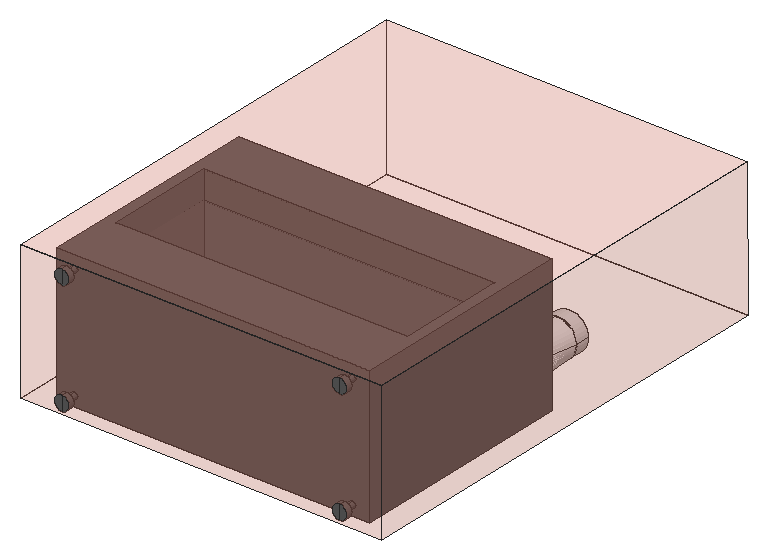
Revit family "HVAC_Fireplaces_Regency-Fireplace_New-York-gas-fireplace_CV40E", category Specialty Equipment, host Face, Revit 2026
Family settings
  Host = Face
  Round Connector Dimension = Use Diameter
  Part Type = Normal
  Classification Number = 23.40.20.34.14
  Enable Cutting in Views = No
  Cut with Voids When Loaded = No
  Maintain Annotation Orientation = No
  Shared = No
  Room Calculation Point = No
Parameters (values of type "CV40E-LP12")
  Width = 43"  # constant formula
  WIFI Dongle Installation = yes
  Voltage = 120 V
  Visible connector = 1 = 0  # no
  Version = 0
  Ventilation flow = 0.0 L/s  # constant formula
  Vent offset note [instance] = "Only works with installation option 2, changes from 0″ to 3″"  # constant formula
  Vent offset [instance] = 2"
  URL = "https://www.regency-fire.com/en/default.aspx"
  Product data url = "https://www.bimobject.com/regency-fireplace-products/product/new-york-view-40-gas-fireplace"
  Product Page URL = "https://www.regency-fire.com/en/Products/Gas/Designer-Gas-Fireplaces/CV40E"
  Product Documentation Link = "https://assets.regency-fire.com/getattachment/3a28add0-dd0d-4c20-bfca-d96ecac44b11/CV40E-12-English-Manual.aspx"
  Power Factor = 1
  Power Consumption = 0 W
  Pipe Diameter = 0.5"  # constant formula
  Panel_offset [instance] = if(Extended View Panel, 16.06299", 0.31496")  # 0.31496"
  Panel Material = Regency Fireplace - Metal - Black
  Orifce Size -Altitude 0-4500 ft = "# 53 DMS"
  Optional Clean Trim Faceplate [instance] = no
  Option 2 [instance] = and(Installation clearance, Nom Option = 2)  # no
  Option 1 [instance] = and(Installation clearance, Nom Option = 1)  # yes
  OCTF Material = Regency Fireplace - Metal - Black
  Number of Poles = 1
  Nom Vent offset [instance] = if(or(Vent offset < 0", Vent offset = 0"), 0", if(and(Vent offset > 0", Vent offset < 3"), Vent offset, if(or(Vent offset > 3", Vent offset = 3"), 3", 0")))  # 2"
  Nom Option [instance] = if([Installation options (ventilation openings)] = 1, 1, 2)  # 1
  Nom Chase enclosure height [instance] = if(Nom Option = 3, 63", if(and(or(Nom Option = 1, Nom Option = 2), or(Chase enclosure height < 63", Chase enclosure height = 63")), 63", Chase enclosure height))  # 63"
  Model = "CV40E-LP12"
  Minimum Supply Pressure = "11\" WC/C.E. (2.73 kPa)"
  Minimum Input Altitude 0-4500 ft. (0-1372m) = "15,500 Btu/h (4.54 kW)"
  Maximum Input Altitude 0-4500 ft. (0-1372m) = "28,500 Btu/h (8.35kW)"
  Manufacturer = "Regency Fireplace"  # constant formula
  Manifold Pressure - Low = "2.9\" WC/C.E.  (0.72 kPa)"
  Manifold Pressure - High = "10.5\" WC/C.E.  (2.62 kPa)"
  Installation options note [instance] = if([Installation options (ventilation openings)] = 1, "Option 1 - Floor to ceiling with top ventilation opening", if([Installation options (ventilation openings)] = 2, "Option 2 - Low framing with ventilation opening in front/2 sides or top", "Enter value 1 to 2"))  # "Option 1 - Floor to ceiling with top ventilation opening"
  Installation options (ventilation openings) [instance] = 1
  Heat Wave Installation Note [instance] = "Only required in circumstances where the goal is to transfer some heat from the fireplace to an alternate interior room, please contact the manufacturer for details."  # constant formula
  Frequency = 60 Hz
  Installation clearance [instance] = yes
  Inner Panel Material [instance] = Regency Fireplace - Metal - Black Inner Panel
  Housing Material = Regency Fireplace - Metal - Black
  Height = 31"  # constant formula
  Heat Wave Installation [instance] = yes
  Gas flow = 0.0 L/s
  Gas Connector Description = "Propane gas supply"
  Fuel Type = "Propane"
  Firebed Material [instance] = Regency Fireplace - Glass - Ginger Crushed Firebed
  Extended View Panel [instance] = no
  Duct Diameter = 8"  # constant formula
  Duct Connector Description = "4” Inner / 6-5/8” Outer"  # constant formula
  Description = "The Regency City Series New York View linear gas fireplaces feature a seamless clear view of the fire with the ability to be integrated into any décor style."  # constant formula
  Depth = 19"  # constant formula
  Default Elevation = 0"
  Date Updated = ""
  Date Created = ""
  Current = 1.5 A
  Connector [instance] = if(Heat Wave Installation, 3, 2)  # 3
  Chase enclosure height [instance] = 63"
  CSA P.4.1 = "56.06%"
  Apparent Load = Power Consumption / Power Factor  # 0 VA
Types (3): name | Vent offset | Orifce Size -Altitude 0-4500 ft | Option 1 | Nom Vent offset | Model | Minimum Supply Pressure | Maximum Input Altitude 0-4500 ft. (0-1372m) | Manifold Pressure - Low | Manifold Pressure - High | Installation clearance | Gas Connector Description | Fuel Type | CSA P.4.1
  (no name) | 2" | "# 53 DMS" | yes | 2" | "CV40E-LP12" | "11\" WC/C.E. (2.73 kPa)" | "28,500 Btu/h (8.35kW)" | "2.9\" WC/C.E.  (0.72 kPa)" | "10.5\" WC/C.E.  (2.62 kPa)" | yes | "Propane gas supply" | "Propane" | "56.06%"
  CV40E-NG12 | 3" | "# 42 DMS " | no | 3" | "CV40E-NG12" | "5.0\" WC/C.E.  (1.25 kPa)" | "28,500 Btu/h (8.33 kW)" | "1.1\" WC/C.E. (0.27 kPa)" | "3.8\" WC/C.E.  (0.94 kPa)" | no | "Natural gas supply" | "Natural Gas" | "55.23%"
  CV40E-LP12 | 2" | "# 53 DMS" | yes | 2" | "CV40E-LP12" | "11\" WC/C.E. (2.73 kPa)" | "28,500 Btu/h (8.35kW)" | "2.9\" WC/C.E.  (0.72 kPa)" | "10.5\" WC/C.E.  (2.62 kPa)" | yes | "Propane gas supply" | "Propane" | "56.06%"
Reference planes (in)
  plane 1 "Center (Front/Back)": y = 0
  plane 2: z = 0
  plane 3 "Center (Left/Right)": x = 0
  plane 4: x = 19.68504
  plane 5: x = -19.68504
  plane 6: x = -20
  plane 7: x = 20
  plane 8: y = 63
  plane 9: x = 21.49606
  plane 10: z = -19.01575
  plane 11: x = -21.49606
  plane 12: z = -9.50787
Forms (in)
  Extrusion 1, solid, material "Regency Fireplace - Metal - Black" <- "Housing Material"
    sketch origin (0, 0, 0) x (1, 0, 0) y (0, 1, 0)
      loop
        line (-21.47638, 2.16535) -> (21.47638, 2.16535) -> (21.47638, 33.4252) -> (-21.47638, 33.4252) -> (-21.47638, 2.16535)
    from -18.89764 to -0.19685
  Revolve 2, solid, material "Regency Fireplace - Metal - Black" <- "Housing Material"
    sketch origin (-19.09449, 0, 0) x (0, 1, 0) y (0, 0, 1)
      loop
        line (2.16535, -1.9685) -> (2.16535, -1.5748) -> (0.7874, -1.5748) -> (0.7874, -0.98425) -> (0, -0.98425) -> (0, -1.9685) -> (2.16535, -1.9685)
      axis (2.16535, -1.9685) -> (0, -1.9685)
    angle from 0 to 360
  Revolve 3, solid, material "Regency Fireplace - Metal - Black" <- "Housing Material"
    sketch origin (-19.09449, 0, -15.55118) x (0, 1, 0) y (0, 0, 1)
      loop
        line (2.16535, -1.9685) -> (2.16535, -1.5748) -> (0.7874, -1.5748) -> (0.7874, -0.98425) -> (0, -0.98425) -> (0, -1.9685) -> (2.16535, -1.9685)
      axis (2.16535, -1.9685) -> (0, -1.9685)
    angle from 0 to 360
  Revolve 4, solid, material "Regency Fireplace - Metal - Black" <- "Housing Material"
    sketch origin (19.09449, 0, 0) x (0, 1, 0) y (0, 0, -1)
      loop
        line (2.16535, 1.9685) -> (0, 1.9685) -> (0, 0.98425) -> (0.7874, 0.98425) -> (0.7874, 1.5748) -> (2.16535, 1.5748) -> (2.16535, 1.9685)
      axis (2.16535, 1.9685) -> (0, 1.9685)
    angle from 0 to 360
  Revolve 5, solid, material "Regency Fireplace - Metal - Black" <- "Housing Material"
    sketch origin (19.09449, 0, -15.55118) x (0, 1, 0) y (0, 0, -1)
      loop
        line (2.16535, 1.9685) -> (0, 1.9685) -> (0, 0.98425) -> (0.7874, 0.98425) -> (0.7874, 1.5748) -> (2.16535, 1.5748) -> (2.16535, 1.9685)
      axis (2.16535, 1.9685) -> (0, 1.9685)
    angle from 0 to 360
  Extrusion 6, void
    sketch origin (0, 0, 0) x (1, 0, 0) y (0, 1, 0)
      loop
        line (-21.47638, 39.52756) -> (-21.47638, 0) -> (21.47638, 0) -> (21.47638, 39.52756) -> (-21.47638, 39.52756)
    from -18.89764 to -0.19685
  Extrusion 7, void
    sketch origin (0, 0, 0) x (1, 0, 0) y (0, 1, 0)
      loop
        line (-20, 25.51181) -> (-20, 10.47244) -> (20, 10.47244) -> (20, 25.51181) -> (-20, 25.51181)
    from -16.73228 to 0
  Extrusion 8, void
    sketch origin (-20, 10.47244, 0) x (0, 1, 0) y (0, 0, 1)
      loop
        line (0, -0.19685) -> (15.03937, -0.19685) -> (15.03937, 0) -> (0, 0) -> (0, -0.19685)
    from 0 to 0.31496
  Extrusion 9, void
    sketch origin (20, 27.07928, 0) x (0, 1, 0) y (0, 0, -1)
      loop
        line (-1.56747, 0.19685) -> (-16.60684, 0.19685) -> (-16.60684, 0) -> (-1.56747, 0) -> (-1.56747, 0.19685)
    from 0 to 0.31496
  Extrusion 10, solid, material "Regency Fireplace - Metal - Black" <- "Panel Material", visible <- "Extended View Panel"
    sketch origin (20, 27.07928, 0) x (0, 1, 0) y (0, 0, -1)
      loop
        line (-1.56747, 0.19685) -> (-16.60684, 0.19685) -> (-16.60684, 0) -> (-1.56747, 0) -> (-1.56747, 0.19685)
    from -15.74803 to 0
  Extrusion 11, solid, material "Regency Fireplace - Metal - Black" <- "Panel Material", visible <- "Extended View Panel"
    sketch origin (-20, 10.47244, 0) x (0, 1, 0) y (0, 0, 1)
      loop
        line (15.03937, -0.19685) -> (15.03937, 0) -> (0, 0) -> (0, -0.19685) -> (15.03937, -0.19685)
    from -15.74803 to 0
  Extrusion 12, solid, material "Regency Fireplace - Glass - Clear"
    sketch origin (20, 27.07928, 0) x (0, 1, 0) y (0, 0, -1)
      loop
        line (-1.56747, 4.13386) -> (-16.60684, 4.13386) -> (-16.60684, 3.93701) -> (-1.56747, 3.93701) -> (-1.56747, 4.13386)
    from 0 to 40
  Extrusion 13, solid, material "Regency Fireplace - Metal - Silver"
    sketch origin (0, 0, -18.89764) x (0, 1, 0) y (1, 0, 0)
      loop
        line (33.4252, 8.16929) -> (33.4252, -8.16929) -> (36.85039, -8.16929) -> (36.85039, 8.16929) -> (33.4252, 8.16929)
    from -10.59055 to 0
  Revolve 14, solid, material "Regency Fireplace - Metal - Silver"
    sketch origin (0, 0, 0) x (0, 1, 0) y (0, 0, 1)
      loop
        line (36.85039, -12.61811) -> (39.52756, -12.61811) -> (39.52756, -10.1378) -> (38.07087, -10.1378) -> (38.07087, -8.64173) -> (36.85039, -8.64173) -> (36.85039, -12.61811)
      axis (36.85039, -12.61811) -> (39.52756, -12.61811)
    angle from 0 to 360
  Extrusion 15, void
    sketch origin (0, 0, -18.89764) x (0, 1, 0) y (1, 0, 0)
      loop
        line (4.60844, -10.782) -> (3.42734, -10.782) -> (3.42734, -12.94735) -> (4.60844, -12.94735) -> (4.60844, -10.782)
    from -0.53189 to 0
  Extrusion 16, solid
    sketch origin (0, 0, -18.36575) x (-1, 0, 0) y (0, 1, 0)
      loop
        circle (11.86467, 4.01789) r 0.25197
    from 0 to 0.53189
  Extrusion 17, void
    sketch origin (-21.47638, 57.04724, 0) x (0, -1, 0) y (0, 0, 1)
      loop
        line (50.87335, -16.00564) -> (50.87335, -17.77729) -> (52.84186, -17.77729) -> (52.84186, -16.00564) -> (50.87335, -16.00564)
    from -0.71401 to 0
  Extrusion 18, solid, material "Regency Fireplace - Glass - Ginger Crushed Firebed" <- "Firebed Material", detail levels medium+fine
    sketch origin (0, 0, -16.73228) x (1, 0, 0) y (0, 1, 0)
      loop
        line (-20, 10.47244) -> (20, 10.47244) -> (20, 10.66929) -> (-20, 10.66929) -> (-20, 10.47244)
    from 0 to 12.59843
  Extrusion 19, solid, material "Regency Fireplace - Metal - Black Inner Panel" <- "Inner Panel Material", detail levels medium+fine
    sketch origin (-18.4252, 10.66929, -16.73228) x (-1, 0, 0) y (0, 0, 1)
      loop
        line (-38.4252, 0) -> (1.5748, 0) -> (1.5748, 0.19685) -> (-38.4252, 0.19685) -> (-38.4252, 0)
    from 0 to 14.84252
  Extrusion 20, solid, material "Regency Fireplace - Metal - Black" <- "OCTF Material", visible <- "Optional Clean Trim Faceplate"
    sketch origin (0, 0, 0) x (1, 0, 0) y (0, 1, 0)
      loop
        line (-20.80709, 26.14173) -> (-20.80709, 9.84252) -> (20.80709, 9.84252) -> (20.80709, 26.14173) -> (-20.80709, 26.14173)
      loop
        line (-20.05906, 10.59055) -> (20.05906, 10.59055) -> (20.05906, 25.3937) -> (-20.05906, 25.3937) -> (-20.05906, 10.59055)
    from 0 to 0.3937
  Extrusion 21, solid, material "Regency Fireplace - Glass - Clear", visible <- "Optional Clean Trim Faceplate"
    sketch origin (-20.05906, 10.59055, 0) x (0, 1, 0) y (0, 0, 1)
      loop
        line (14.80315, 0) -> (14.80315, 0.3937) -> (0, 0.3937) -> (0, 0) -> (14.80315, 0)
    from 0 to 40.11811
  Extrusion 22, solid, material "Regency Fireplace - Metal - Silver", visible <- "Heat Wave Installation"
    sketch origin (21.47638, 33.4252, 0) x (-1, 0, 0) y (0, 0, 1)
      loop
        arc (4.49452, -15.45586) -> (3.21499, -16.73539) -> (4.49452, -18.01492) r 1.27953
        line (4.49452, -18.01492) -> (8.92276, -18.01492)
        arc (8.92276, -18.01492) -> (10.20229, -16.73539) -> (8.92276, -15.45586) r 1.27953
        line (8.92276, -15.45586) -> (4.49452, -15.45586)
      loop
        line (38.45824, -15.45586) -> (34.03, -15.45586)
        arc (34.03, -15.45586) -> (32.75047, -16.73539) -> (34.03, -18.01492) r 1.27953
        line (34.03, -18.01492) -> (38.45824, -18.01492)
        arc (38.45824, -18.01492) -> (39.73777, -16.73539) -> (38.45824, -15.45586) r 1.27953
    from 0 to 0.19685
  Extrusion 23, solid, material "Regency Fireplace - Metal - Silver", visible <- "Heat Wave Installation"
    sketch origin (21.47638, 33.62205, 0) x (-1, 0, 0) y (0, 0, 1)
      loop
        line (8.92276, -15.65271) -> (4.49452, -15.65271)
        arc (4.49452, -15.65271) -> (3.41184, -16.73539) -> (4.49452, -17.81807) r 1.08268
        line (4.49452, -17.81807) -> (8.92276, -17.81807)
        arc (8.92276, -17.81807) -> (10.00544, -16.73539) -> (8.92276, -15.65271) r 1.08268
      loop
        line (38.45824, -15.65271) -> (34.03, -15.65271)
        arc (34.03, -15.65271) -> (32.94732, -16.73539) -> (34.03, -17.81807) r 1.08268
        line (34.03, -17.81807) -> (38.45824, -17.81807)
        arc (38.45824, -17.81807) -> (39.54092, -16.73539) -> (38.45824, -15.65271) r 1.08268
    from 0 to 1.9685
  Extrusion 24, solid, material "Regency Fireplace - Metal - Silver", visible <- "Heat Wave Installation"
    sketch origin (20.49213, 33.4252, 0) x (-1, 0, 0) y (0, 0, 1)
      loop
        circle (4.49452, -15.25901) r 2.55906
      loop
        circle (36.48974, -15.25901) r 2.55906
    from 7.87402 to 9.84252
  Blend 25, solid, material "Regency Fireplace - Metal - Silver", visible <- "Heat Wave Installation"
    base sketch origin (21.47638, 33.4252, 0) x (-1, 0, 0) y (0, 0, 1)
      loop
        line (8.92276, -15.65271) -> (4.49452, -15.65271)
        arc (4.49452, -15.65271) -> (3.41184, -16.73539) -> (4.49452, -17.81807) r 1.08268
        line (4.49452, -17.81807) -> (8.92276, -17.81807)
        arc (8.92276, -17.81807) -> (10.00544, -16.73539) -> (8.92276, -15.65271) r 1.08268
    top sketch origin (21.47638, 33.4252, 0) x (-1, 0, 0) y (0, 0, 1)
      loop
        arc (2.91971, -15.25901) -> (3.56329, -16.95598) -> (5.17031, -17.79941) r 2.55906
        arc (5.17031, -17.79941) -> (7.17574, -17.17449) -> (8.03782, -15.25901) r 2.55906
        arc (8.03782, -15.25901) -> (7.39425, -13.56205) -> (5.78723, -12.71862) r 2.55906
        arc (5.78723, -12.71862) -> (3.7818, -13.34353) -> (2.91971, -15.25901) r 2.55906
    from 2.16535 to 7.87402
  Blend 26, solid, material "Regency Fireplace - Metal - Silver", visible <- "Heat Wave Installation"
    base sketch origin (-21.47638, 33.4252, 0) x (1, 0, 0) y (0, 0, -1)
      loop
        arc (8.92276, 15.65271) -> (10.00544, 16.73539) -> (8.92276, 17.81807) r 1.08268
        line (8.92276, 17.81807) -> (4.49452, 17.81807)
        arc (4.49452, 17.81807) -> (3.41184, 16.73539) -> (4.49452, 15.65271) r 1.08268
        line (4.49452, 15.65271) -> (8.92276, 15.65271)
    top sketch origin (-21.47638, 33.4252, 0) x (1, 0, 0) y (0, 0, -1)
      loop
        arc (2.91971, 15.25901) -> (3.7818, 13.34353) -> (5.78723, 12.71862) r 2.55906
        arc (5.78723, 12.71862) -> (7.39425, 13.56205) -> (8.03782, 15.25901) r 2.55906
        arc (8.03782, 15.25901) -> (7.17574, 17.17449) -> (5.17031, 17.79941) r 2.55906
        arc (5.17031, 17.79941) -> (3.56329, 16.95598) -> (2.91971, 15.25901) r 2.55906
    from 2.16535 to 7.87402
  Extrusion 27, solid, material "Regency Fireplace - Clearance", visible <- "Installation clearance"
    sketch origin (0, 0, 0) x (1, 0, 0) y (0, 0, 1)
      loop
        line (-24.80315, 0) -> (-24.80315, -19.01575) -> (24.80315, -19.01575) -> (24.80315, 0) -> (-24.80315, 0)
    from -63 to 0
Cuts and joins
  Extrusion 7, Extrusion 15, Extrusion 17 cuts Extrusion 1
Lines and regions (in)
  Masking region 1, visible <- "Installation clearance"
    outline origin (0, 0, 0) x (1, 0, 0) y (0, 0, 1)
      loop
        line (24.80315, 0) -> (-24.80315, 0) -> (-24.80315, -19.01575) -> (24.80315, -19.01575) -> (24.80315, 0)
  Masking region 2, visible <- "Optional Clean Trim Faceplate"
    outline origin (0, 0, 0) x (1, 0, 0) y (0, 0, 1)
      loop
        line (20.80709, 0.3937) -> (-20.80709, 0.3937) -> (-20.80709, 0) -> (20.80709, 0) -> (20.80709, 0.3937)
  Masking region 3
    outline origin (0, 0, 0) x (1, 0, 0) y (0, 0, 1)
      loop
        line (21.49606, 0) -> (-21.49606, 0) -> (-21.49606, -19.01575) -> (21.49606, -19.01575) -> (21.49606, 0)
  Masking region 4
    outline origin (0, 0, 0) x (1, 0, 0) y (0, 0, 1)
      loop
        circle (0, -12.61811) r 2.48031
  Masking region 5, visible <- "Heat Wave Installation"
    outline origin (0, 0, 0) x (1, 0, 0) y (0, 0, 1)
      loop
        circle (15.99761, -15.25901) r 2.55906
      loop
        circle (-15.99761, -15.25901) r 2.55906
  Masking region 6, visible <- "Installation clearance"
    outline origin (0, 0, 0) x (1, 0, 0) y (0, 1, 0)
      loop
        line (-24.80315, 63) -> (-24.80315, 0) -> (24.80315, 0) -> (24.80315, 63) -> (-24.80315, 63)
  Masking region 7, visible <- "Optional Clean Trim Faceplate"
    outline origin (0, 0, 0) x (1, 0, 0) y (0, 1, 0)
      loop
        line (-20.80709, 26.14173) -> (-20.80709, 9.84252) -> (20.80709, 9.84252) -> (20.80709, 26.14173) -> (-20.80709, 26.14173)
      loop
        line (20.05906, 10.59055) -> (20.05906, 25.3937) -> (-20.05906, 25.3937) -> (-20.05906, 10.59055) -> (20.05906, 10.59055)
  Masking region 8
    outline origin (0, 0, 0) x (1, 0, 0) y (0, 1, 0)
      loop
        line (-20, 25.51181) -> (-20, 10.47244) -> (20, 10.47244) -> (20, 25.51181) -> (-20, 25.51181)
  Masking region 9, visible <- "Extended View Panel"
    outline origin (0, 0, 0) x (1, 0, 0) y (0, 1, 0)
      loop
        line (-4.25197, 25.51181) -> (-20, 25.51181) -> (-20, 10.47244) -> (-4.25197, 10.47244) -> (-4.25197, 25.51181)
      loop
        line (4.25197, 25.51181) -> (4.25197, 10.47244) -> (20, 10.47244) -> (20, 25.51181) -> (4.25197, 25.51181)
  reference lines
    curve 1: line (-34.12546, 61, 0) -> (38.31548, 61, 0)
    curve 5: line (24.80315, 61, 0) -> (24.80315, 61, -19.01575)
    curve 6: line (24.80315, 61, -19.01575) -> (-24.80315, 61, -19.01575)
    curve 7: line (-24.80315, 61, -19.01575) -> (-24.80315, 61, 0)
  model lines, style "Clearance", visible <- "Option 1"
    curve 2: line (23.8189, 63, -19.01575) -> (23.8189, 63, -0.98425)
    curve 3: line (23.8189, 63, -0.98425) -> (-23.8189, 63, -0.98425)
    curve 4: line (-23.8189, 63, -0.98425) -> (-23.8189, 63, -19.01575)
  model lines, style "Clearance", visible <- "Option 2"
    curve 8: line (19.5, 63, -7.00787) -> (-19.5, 63, -7.00787)
    curve 9: line (-19.5, 63, -7.00787) -> (-19.5, 63, -11.00787)
    curve 10: line (-19.5, 63, -11.00787) -> (19.5, 63, -11.00787)
    curve 11: line (19.5, 63, -11.00787) -> (19.5, 63, -7.00787)
    curve 12: line (-19.5, 57, 0) -> (19.5, 57, 0)
    curve 13: line (19.5, 61, 0) -> (-19.5, 61, 0)
    curve 14: line (-19.5, 61, 0) -> (-19.5, 57, 0)
    curve 15: line (24.80315, 61, -2.00787) -> (24.80315, 61, -17.00787)
    curve 16: line (24.80315, 53, -2.00787) -> (24.80315, 61, -2.00787)
    curve 17: line (24.80315, 53, -17.00787) -> (24.80315, 53, -2.00787)
    curve 18: line (24.80315, 61, -17.00787) -> (24.80315, 53, -17.00787)
    curve 19: line (-24.80315, 53, -2.00787) -> (-24.80315, 53, -17.00787)
    curve 20: line (-24.80315, 53, -2.00787) -> (-24.80315, 61, -2.00787)
    curve 21: line (-24.80315, 61, -2.00787) -> (-24.80315, 61, -17.00787)
    curve 22: line (-24.80315, 61, -17.00787) -> (-24.80315, 53, -17.00787)
    curve 23: line (19.5, 61, 0) -> (19.5, 57, 0)
Dimensions and locks (in)
  plane 5 to plane 3 "Center (Left/Right)" to plane 4 = 19.68504" locked, 19.68504" locked
  "Panel_offset": plane 6 to plane 5
  "Panel_offset": plane 4 to plane 7
  locked: Extrusion 7 sketch curve to plane 5 at 0.31496
  locked: plane 4 to Extrusion 7 sketch curve at 0.31496
  "Nom Chase enclosure height": plane 1 "Center (Front/Back)" to plane 8
  cut or joined group of Extrusion 1, Extrusion 7, Extrusion 15, Extrusion 17 to plane 3 "Center (Left/Right)" to cut or joined group of Extrusion 1, Extrusion 7, Extrusion 15, Extrusion 17 = 21.47638" locked, 21.47638" locked
  locked: plane 1 "Center (Front/Back)" to Extrusion 6 sketch curve at 39.52756
  curve 5 to plane 3 "Center (Left/Right)" to curve 7 = 24.80315" locked, 24.80315" locked
  curve 14 to plane 3 "Center (Left/Right)" to curve 23 = 19.5", 19.5"
  equal spacing: group 2, group 3, group 1
  equal spacing: group 1, group 3, group 2  (x2)
  equal spacing: group 5, group 6, group 4
  equal spacing: group 4, group 6, group 5  (x2)
  Extrusion 20 sketch curve to plane 3 "Center (Left/Right)" to Extrusion 20 sketch curve = 20.80709" locked, 20.80709" locked
  locked: Extrusion 20 sketch curve to Extrusion 20 sketch curve at 0.74803  (x2)
  Extrusion 6 sketch curve to plane 3 "Center (Left/Right)" to Extrusion 6 sketch curve = 21.47638" locked, 21.47638" locked
  Masking region 3 sketch curve to plane 3 "Center (Left/Right)" to Masking region 3 sketch curve = 21.49606" locked, 21.49606" locked
  Masking region 1 sketch curve to plane 3 "Center (Left/Right)" to Masking region 1 sketch curve = 24.80315" locked, 24.80315" locked
  Extrusion 27 sketch curve to plane 3 "Center (Left/Right)" to Extrusion 27 sketch curve = 24.80315" locked, 24.80315" locked
  Masking region 2 sketch curve to plane 3 "Center (Left/Right)" to Masking region 2 sketch curve = 20.80709" locked, 20.80709" locked
  locked: Masking region 8 sketch curve to plane 5 at 0.31496
  locked: plane 4 to Masking region 8 sketch curve at 0.31496
  locked: Masking region 9 sketch curve to Masking region 9 sketch curve at 15.74803  (x2)
  Masking region 6 sketch curve to plane 3 "Center (Left/Right)" to Masking region 6 sketch curve = 24.80315" locked, 24.80315" locked
  "Nom Vent offset": curve 1 to plane 8
  aligned and locked: plane 2 to host face
  aligned and locked: level to host face
  aligned and locked: Extrusion 8 to plane 6
  aligned and locked: plane 7 to Extrusion 9
  aligned and locked: Extrusion 9 to plane 4
  aligned and locked: plane 8 to Extrusion 27
  aligned and locked: Masking region 6 sketch curve to plane 1 "Center (Front/Back)"
  aligned and locked: Masking region 6 sketch curve to plane 8
Automatic sketch dimensions
  host sketch curve to host sketch curve = 96"  (x2)
  Revolve 2 sketch curve to plane 1 "Center (Front/Back)" = 0"
  Revolve 2 sketch curve to plane 1 "Center (Front/Back)" = 0.7874"
  Revolve 2 sketch curve to Revolve 2 sketch curve = 1.37795"
  Revolve 2 sketch curve to level = 1.9685"
  Revolve 2 sketch curve to Revolve 2 sketch curve = 0.3937"
  Revolve 2 sketch curve to Revolve 2 sketch curve = 0.59055"
  plane 1 "Center (Front/Back)" to Revolve 2 sketch curve = 1.37795"
  Revolve 2 sketch curve to Revolve 2 sketch curve = 0"  (x2)
  Revolve 3 sketch curve to plane 1 "Center (Front/Back)" = 0"
  Revolve 3 sketch curve to plane 1 "Center (Front/Back)" = 0.7874"
  Revolve 3 sketch curve to Revolve 3 sketch curve = 1.37795"
  Revolve 3 sketch curve to level = 17.51969"
  Revolve 3 sketch curve to Revolve 3 sketch curve = 0.3937"
  Revolve 3 sketch curve to Revolve 3 sketch curve = 0.59055"
  plane 1 "Center (Front/Back)" to Revolve 3 sketch curve = 1.37795"
  Revolve 3 sketch curve to Revolve 3 sketch curve = 0"  (x2)
  Revolve 4 sketch curve to plane 1 "Center (Front/Back)" = 0"
  Revolve 4 sketch curve to plane 1 "Center (Front/Back)" = 0.7874"
  Revolve 4 sketch curve to Revolve 4 sketch curve = 1.37795"
  Revolve 4 sketch curve to level = 0.98425"
  Revolve 4 sketch curve to Revolve 4 sketch curve = 0.59055"
  Revolve 4 sketch curve to Revolve 4 sketch curve = 0.3937"
  plane 1 "Center (Front/Back)" to Revolve 4 sketch curve = 1.37795"
  Revolve 4 sketch curve to Revolve 4 sketch curve = 0"  (x2)
  Revolve 5 sketch curve to plane 1 "Center (Front/Back)" = 0"
  Revolve 5 sketch curve to plane 1 "Center (Front/Back)" = 0.7874"
  Revolve 5 sketch curve to Revolve 5 sketch curve = 1.37795"
  Revolve 5 sketch curve to level = 16.53543"
  Revolve 5 sketch curve to Revolve 5 sketch curve = 0.59055"
  Revolve 5 sketch curve to Revolve 5 sketch curve = 0.3937"
  plane 1 "Center (Front/Back)" to Revolve 5 sketch curve = 1.37795"
  Revolve 5 sketch curve to Revolve 5 sketch curve = 0"  (x2)
  Extrusion 7 sketch curve to plane 1 "Center (Front/Back)" = 10.47244"
  Extrusion 7 sketch curve to Extrusion 7 sketch curve = 15.03937"
  Extrusion 8 sketch curve to Extrusion 7 = 0"  (x3)
  Extrusion 7 to Extrusion 8 sketch curve = 0.19685"
  Extrusion 9 sketch curve to Extrusion 7 = 0"  (x3)
  Extrusion 7 to Extrusion 9 sketch curve = 0.19685"
  Extrusion 10 sketch curve to Extrusion 7 = 0"  (x3)
  Extrusion 7 to Extrusion 10 sketch curve = 0.19685"
  Extrusion 11 sketch curve to Extrusion 7 = 0"  (x2)
  Extrusion 7 to Extrusion 11 sketch curve = 0"
  Extrusion 7 to Extrusion 11 sketch curve = 0.19685"
  Extrusion 12 sketch curve to Extrusion 7 = 0"  (x2)
  Extrusion 7 to Extrusion 12 sketch curve = 3.93701"
  Extrusion 7 to Extrusion 12 sketch curve = 4.13386"
  Revolve 14 sketch curve to level = 12.61811"
  Revolve 14 sketch curve to plane 1 "Center (Front/Back)" = 36.85039"
  Revolve 14 sketch curve to Revolve 14 sketch curve = 1.22047"
  Revolve 14 sketch curve to Revolve 14 sketch curve = 1.45669"
  Revolve 14 sketch curve to Revolve 14 sketch curve = 2.48031"
  Revolve 14 sketch curve to Revolve 14 sketch curve = 1.49606"
  Revolve 14 sketch curve to Revolve 14 sketch curve = 0"  (x2)
  Revolve 14 sketch curve to Revolve 14 sketch curve = 3.62205"
  curve 7 to curve 1 = 0"
  curve 5 to curve 1 = 0"
  curve 1 to curve 6 = 19.01575"
  curve 5 to curve 17 = 2.00787"
  curve 15 to curve 5 = 2.00787"
  curve 18 to curve 5 = 0"
  curve 5 to curve 16 = 8"
  curve 7 to curve 22 = 2.00787"
  curve 20 to curve 7 = 2.00787"
  curve 22 to curve 7 = 0"
  curve 7 to curve 19 = 8"
  curve 1 to curve 12 = 4"
  curve 12 to curve 14 = 4"
  Extrusion 1 sketch curve to plane 6 = 1.47638"
  plane 7 to Extrusion 1 sketch curve = 1.47638"
  Extrusion 1 sketch curve to plane 1 "Center (Front/Back)" = 2.16535"
  Extrusion 1 sketch curve to Extrusion 1 sketch curve = 31.25984"
  plane 1 "Center (Front/Back)" to Extrusion 6 sketch curve = 0"
  Extrusion 1 to Extrusion 13 sketch curve = 0"
  Extrusion 13 sketch curve to Extrusion 1 = 3.4252"
  Extrusion 1 to Extrusion 13 sketch curve = 13.30709"  (x2)
  Extrusion 1 to Extrusion 15 sketch curve = 1.26199"
  Extrusion 15 sketch curve to Extrusion 15 sketch curve = 1.1811"
  Extrusion 1 to Extrusion 15 sketch curve = 10.69438"
  Extrusion 15 sketch curve to Extrusion 15 sketch curve = 2.16535"
  Extrusion 15 to Extrusion 16 sketch curve = 1.08268"
  Extrusion 15 to Extrusion 16 sketch curve = 0.59055"
  Extrusion 1 to Extrusion 17 sketch curve = 1.12035"
  Extrusion 17 sketch curve to Extrusion 1 = 4.00854"
  Extrusion 17 sketch curve to Extrusion 17 sketch curve = 1.9685"
  Extrusion 17 sketch curve to Extrusion 17 sketch curve = 1.77165"
  Extrusion 18 sketch curve to Extrusion 7 = 0"  (x2)
  Extrusion 7 to Extrusion 18 sketch curve = 0"
  Extrusion 18 sketch curve to Extrusion 7 = 0.19685"
  Extrusion 18 to Extrusion 19 sketch curve = 0"  (x2)
  Extrusion 19 sketch curve to Extrusion 18 = 0"
  Extrusion 18 to Extrusion 19 sketch curve = 0.19685"
  Extrusion 20 sketch curve to plane 1 "Center (Front/Back)" = 9.84252"
  Extrusion 20 sketch curve to Extrusion 20 sketch curve = 0.74803"  (x2)
  Extrusion 20 sketch curve to Extrusion 20 sketch curve = 14.80315"
  Extrusion 21 sketch curve to Extrusion 20 = 0"  (x3)
  Extrusion 20 to Extrusion 21 sketch curve = 0"
  Extrusion 1 to Extrusion 22 sketch curve = 4.49452"
  Extrusion 22 sketch curve to Extrusion 22 sketch curve = 4.42824"  (x2)
  Extrusion 1 to Extrusion 22 sketch curve = 3.44177"
  Extrusion 22 sketch curve to Extrusion 1 = 8.92276"
  Extrusion 1 to Extrusion 22 sketch curve = 2.16225"
  Extrusion 1 to Extrusion 22 sketch curve = 0.88272"
  Extrusion 22 sketch curve to Extrusion 22 sketch curve = 1.27953"
  Extrusion 23 sketch curve to Extrusion 23 sketch curve = 4.42824"  (x2)
  Extrusion 1 to Extrusion 24 sketch curve = 5.47877"
  Extrusion 24 sketch curve to Extrusion 1 = 5.47877"
  Extrusion 1 to Extrusion 24 sketch curve = 3.63862"  (x2)
  Extrusion 1 to Blend 25 sketch curve = 4.49452"
  Blend 25 sketch curve to Blend 25 sketch curve = 4.42824"
  Extrusion 1 to Blend 25 sketch curve = 1.07957"
  Blend 25 sketch curve to Blend 25 sketch curve = 1.08268"
  Blend 25 sketch curve to Blend 25 sketch curve = 0"  (x12)
  Extrusion 1 to Blend 25 sketch curve = 5.47877"
  Extrusion 1 to Blend 25 sketch curve = 3.63862"
  Extrusion 1 to Blend 25 sketch curve = 1.09823"
  Blend 25 sketch curve to Blend 25 sketch curve = 0.30846"  (x2)
  Blend 26 sketch curve to Extrusion 1 = 4.49452"
  Blend 26 sketch curve to Blend 26 sketch curve = 4.42824"
  Extrusion 1 to Blend 26 sketch curve = 3.24492"
  Blend 26 sketch curve to Blend 26 sketch curve = 1.08268"
  Blend 26 sketch curve to Blend 26 sketch curve = 0"  (x12)
  Blend 26 sketch curve to Extrusion 1 = 5.47877"
  Extrusion 1 to Blend 26 sketch curve = 3.63862"
  Extrusion 1 to Blend 26 sketch curve = 1.09823"
  Blend 26 sketch curve to Blend 26 sketch curve = 0.30846"  (x2)
  Extrusion 27 sketch curve to level = 0"
  Extrusion 27 sketch curve to Extrusion 27 sketch curve = 19.01575"
  curve 4 to Extrusion 27 = 0"
  curve 2 to Extrusion 27 = 0"
  Extrusion 27 to curve 4 = 0.98425"
  Extrusion 27 to curve 9 = 5.30315"
  Extrusion 27 to curve 10 = 5.30315"
  Extrusion 27 to curve 2 = 0.98425"
  Extrusion 27 to curve 10 = 8.00787"
  curve 10 to curve 8 = 4"
  Extrusion 27 to curve 3 = 0.98425"
  Masking region 1 sketch curve to level = 0"
  Masking region 1 sketch curve to level = 19.01575"
  Masking region 2 sketch curve to level = 0"
  level to Masking region 2 sketch curve = 0.3937"
  Masking region 3 sketch curve to level = 0"
  Masking region 3 sketch curve to level = 19.01575"
  Masking region 4 sketch curve to Masking region 4 sketch curve = 0"  (x2)
  Masking region 4 sketch curve to plane 3 "Center (Left/Right)" = 0"
  Masking region 4 sketch curve to level = 12.61811"
  Masking region 4 sketch curve to Masking region 4 sketch curve = 2.48031"
  Masking region 5 sketch curve to plane 4 = 3.68743"
  Masking region 5 sketch curve to level = 15.25901"  (x2)
  Masking region 5 sketch curve to Masking region 5 sketch curve = 2.55906"  (x2)
  Masking region 5 sketch curve to Masking region 5 sketch curve = 0"  (x2)
  Masking region 5 sketch curve to plane 5 = 3.68743"
  Masking region 7 sketch curve to plane 6 = 0.80709"
  Masking region 7 sketch curve to plane 6 = 0.05906"
  plane 7 to Masking region 7 sketch curve = 0.05906"
  plane 7 to Masking region 7 sketch curve = 0.80709"
  Masking region 7 sketch curve to plane 1 "Center (Front/Back)" = 9.84252"
  Masking region 7 sketch curve to Masking region 7 sketch curve = 0.74803"  (x2)
  Masking region 7 sketch curve to Masking region 7 sketch curve = 14.80315"
  Masking region 8 sketch curve to plane 1 "Center (Front/Back)" = 10.47244"
  Masking region 8 sketch curve to Masking region 8 sketch curve = 15.03937"
  Masking region 9 sketch curve to plane 6 = 0"
  Masking region 9 sketch curve to plane 7 = 0"
  Masking region 9 sketch curve to plane 1 "Center (Front/Back)" = 10.47244"  (x2)
  Masking region 9 sketch curve to Masking region 9 sketch curve = 15.03937"  (x2)
  curve 1 to plane 11 = 12.6294"
  curve 1 to plane 9 = 16.81942"
  radius of Extrusion 16 sketch curve = 0.25197"
  radius of Extrusion 23 sketch curve to Extrusion 22 = 0.19685"  (x2)
  radius of Extrusion 24 sketch curve = 2.55906"  (x2)
Nested families (in)
  nested 1: "Connector" at (17.22039, 43.18898, -15.25901) x (-1, 0, 0) z (0, 1, 0), visible <- "Visible connector", type "Connector"
  nested 2: "Connector" at (-14.74513, 43.18898, -15.25901) x (-1, 0, 0) z (0, 1, 0), visible <- "Visible connector", type "Connector"
  nested 3: "Connector" at (14.77483, 43.18898, -15.25901) x (-1, 0, 0) z (0, 1, 0), visible <- "Visible connector", type "Connector"
  nested 4: "Connector" at (15.99761, 43.18898, -15.25901) x (-1, 0, 0) z (0, 1, 0), visible <- "Visible connector", type "Connector"
  nested 5: "Connector" at (-17.25009, 43.18898, -15.25901) x (-1, 0, 0) z (0, 1, 0), visible <- "Visible connector", type "Connector"
  nested 6: "Connector" at (-15.99761, 43.18898, -15.25901) x (-1, 0, 0) z (0, 1, 0), visible <- "Visible connector", type "Connector"
Connectors (in)
  hvac at (0, 39.52756, -12.61811), driven by "Duct Diameter", driven by "Ventilation flow", driven by "Duct Connector Description"
    settings: on Revolve 14, index 1, duct flow 0.0 L/s, flow factor 0, pres drop 0.0 Pa, loss coef 0, conn angle 0.00°, conn width 304.8 mm, conn height 304.8 mm, conn diameter 203.2 mm, duct sys type 3, conn prof type 0, flow config 0, flow direction 0, loss method 0, conn ref index -1, conn util no, is conn primary yes, conn desc "4” Inner / 6-5/8” Outer"
  piping at (-11.86467, 4.01789, -18.89764), diameter 0.5, driven by "Pipe Diameter", driven by "Gas flow", driven by "Gas Connector Description"
    settings: on Extrusion 16, index 2, connector inside diameter 609.6 mm, connector length 0", flow factor 0, pipe flow 0.0 L/s, pressure drop 0.0 Pa, fitting loss kfactor 0, connector angle 0.00°, fixture units 0, engagement length 0", angle of deflection 0.00°, flow configuration 0, flow direction 2, fitting loss method 0, system type 22, joint type 0, gender type 0, connector reference index -1, connector utility 0, adjustable connector no, is connector primary yes, connector description "Propane gas supply"
  electrical at (-20.76237, 5.18964, -16.89146), driven by "Number of Poles", driven by "Voltage", driven by "Apparent Load", driven by "Power Factor"
    settings: on cut or joined group of Extrusion 1, Extrusion 7, Extrusion 15, Extrusion 17, index 3, voltage 120 V, apparent load 0 VA, apparent load phase1 0 VA, apparent load phase2 0 VA, apparent load phase3 0 VA, power factor 1, load classification "Other", number of poles 1, system type 31, power factor state 1, is connector primary yes, connector utility no, sub classification motor no, connector description "120V, Power connector"
  hvac at (15.99761, 43.26772, -15.25901), driven by "Duct Diameter", driven by "Ventilation flow", driven by "Duct Connector Description"
    settings: on nested 4, index 4, duct flow 0.0 L/s, flow factor 0, pres drop 0.0 Pa, loss coef 0, conn angle 0.00°, conn width 304.8 mm, conn height 304.8 mm, conn diameter 203.2 mm, duct sys type 3, conn prof type 0, flow config 0, flow direction 2, loss method 0, conn ref index -1, conn util no, is conn primary no, conn desc "4” Inner / 6-5/8” Outer"
  hvac at (-15.99761, 43.26772, -15.25901), driven by "Duct Diameter", driven by "Ventilation flow", driven by "Duct Connector Description"
    settings: on nested 6, index 5, duct flow 0.0 L/s, flow factor 0, pres drop 0.0 Pa, loss coef 0, conn angle 0.00°, conn width 304.8 mm, conn height 304.8 mm, conn diameter 203.2 mm, duct sys type 3, conn prof type 0, flow config 0, flow direction 2, loss method 0, conn ref index -1, conn util no, is conn primary no, conn desc "4” Inner / 6-5/8” Outer"
Definition of nested family "Connector"
  Parameters (values of type "Connector")
    Default Elevation = 48"
  Reference planes (in)
    plane 1 "Center (Front/Back)": y = 0
    plane 2: z = 0
    plane 3 "Center (Left/Right)": x = 0
  Forms (in)
    Extrusion 1, solid
      sketch origin (0, 0, 0) x (1, 0, 0) y (0, 1, 0)
        loop
          circle (0, 0) r 0.03245
      from 0 to 0.07874
  Dimensions and locks (in)
    aligned and locked: level to plane 2
